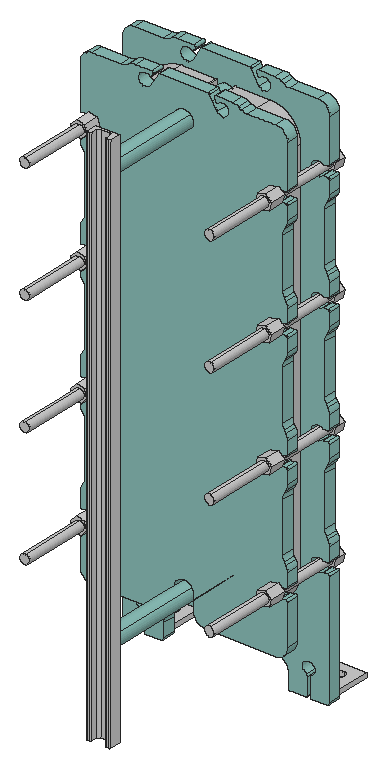
Revit family "Ekin_Endüstriyel - MIT514", category Specialty Equipment, Revit 2022 (continued)
Forms (mm)
  Extrusion 32, solid, material "Galvanized Steel", visible <- "Threaded Connection", detail levels fine
    sketch origin (0, 0, 0) x (1, 0, 0) y (0, 0, 1)
      loop
        arc (43.349, 918.5) -> (42.251, 919.598) -> (40.751, 920) r 3
        line (40.751, 920) -> (-40.751, 920)
        arc (-40.751, 920) -> (-42.251, 919.598) -> (-43.349, 918.5) r 3
        line (-43.349, 918.5) -> (-55.474, 897.5)
        arc (-55.474, 897.5) -> (-75.802, 900.921) -> (-58.196, 911.643) r 11
        arc (-58.196, 911.643) -> (-55.773, 911.054) -> (-53.742, 912.5) r 3
        line (-53.742, 912.5) -> (-52.01, 915.5)
        arc (-52.01, 915.5) -> (-52.01, 918.5) -> (-54.608, 920) r 3
        line (-54.608, 920) -> (-82.141, 920)
        arc (-82.141, 920) -> (-87.317, 919.319) -> (-92.141, 917.321) r 20
        line (-92.141, 917.321) -> (-96.715, 914.679)
        arc (-96.715, 914.679) -> (-101.539, 912.681) -> (-106.715, 912) r 20
      loop
        circle (-70, 827.5) r 32.5
      loop
        circle (70, 827.5) r 32.5
      loop
        circle (-70, 187.5) r 32.5
      loop
        circle (70, 187.5) r 32.5
      loop
        circle (0, 149) r 6.25
      loop
        circle (0, 866) r 6.25
    from 0 to 20 <- "Head & Follower Plate"
Cuts and joins
  joined: Extrusion 5, Extrusion 9
  Extrusion 21, Extrusion 23 cuts Extrusion 20
  Extrusion 23 cuts Extrusion 22
  joined: Extrusion 27, Extrusion 28
Dimensions and locks
  "Lk": plane 7 "1" to plane 6 "2"
  "Head & Follower Plate": plane 1 "Center (Front/Back)" to plane 7 "1"  (x2)
  "Lc": plane 7 "1" to plane 8 "3"
  locked: Extrusion 7 sketch curve to Extrusion 7 sketch curve at 8  (x2)
  equal spacing: Extrusion 7 sketch curve, plane 3 "Center (Left/Right)", Extrusion 7 sketch curve
  Extrusion 7 sketch curve to plane 3 "Center (Left/Right)" = 20.00 mm
  locked: Extrusion 7 sketch curve to plane 8 "3" at 5
  locked: plane 8 "3" to Extrusion 7 sketch curve at 20
  plane 7 "1" to plane 6 "2" = 69.00 mm
  plane 7 "1" to plane 8 "3" = 250.00 mm
  "Lc": plane 10 to plane 1 "Center (Front/Back)"
  "Tightening Bolt": diameter of Extrusion 5 sketch curve  (x8)
  aligned and locked: level to plane 2
  aligned and locked: Extrusion 1 to plane 1 "Center (Front/Back)"
  aligned and locked: Extrusion 2 to plane 6 "2"
  aligned and locked: Extrusion 4 to plane 8 "3"
  aligned and locked: plane 7 "1" to Extrusion 4
  aligned and locked: Extrusion 7 sketch curve to plane 8 "3"
  aligned and locked: Extrusion 7 sketch curve to Extrusion 7 sketch curve
  aligned and locked: plane 6 "2" to Extrusion 3
  aligned and locked: plane 1 "Center (Front/Back)" to Extrusion 8
  aligned and locked: plane 9 "Bolt End" to Extrusion 8
  aligned and locked: Extrusion 5 to plane 1 "Center (Front/Back)"
  aligned and locked: Extrusion 19 to plane 6 "2"
  aligned and locked: Extrusion 15 to plane 6 "2"
  aligned and locked: plane 10 to cut or joined group of Extrusion 5, Extrusion 9
Automatic sketch dimensions
  Extrusion 1 sketch curve to Extrusion 1 sketch curve = 0.00 mm  (x69)
  Extrusion 1 sketch curve to level = 0.00 mm  (x4)
  Extrusion 1 sketch curve to plane 3 "Center (Left/Right)" = 0.00 mm  (x2)
  Extrusion 1 sketch curve to plane 3 "Center (Left/Right)" = 28.00 mm  (x4)
  Extrusion 1 sketch curve to plane 3 "Center (Left/Right)" = 40.751 mm
  Extrusion 1 sketch curve to Extrusion 1 sketch curve = 2.598 mm  (x6)
  Extrusion 1 sketch curve to Extrusion 1 sketch curve = 8.66 mm  (x2)
  Extrusion 1 sketch curve to Extrusion 1 sketch curve = 1.732 mm  (x4)
  Extrusion 1 sketch curve to plane 3 "Center (Left/Right)" = 63.787 mm
  Extrusion 1 sketch curve to Extrusion 1 sketch curve = 9.526 mm  (x2)
  Extrusion 1 sketch curve to Extrusion 1 sketch curve = 42.00 mm  (x20)
  Extrusion 1 sketch curve to Extrusion 1 sketch curve = 10.607 mm  (x5)
  Extrusion 1 sketch curve to Extrusion 1 sketch curve = 17.141 mm  (x2)
  Extrusion 1 sketch curve to Extrusion 1 sketch curve = 26.213 mm  (x4)
  Extrusion 1 sketch curve to Extrusion 1 sketch curve = 10.00 mm  (x4)
  Extrusion 1 sketch curve to Extrusion 1 sketch curve = 4.574 mm  (x14)
  level to Extrusion 1 sketch curve = 39.393 mm  (x2)
  Extrusion 1 sketch curve to Extrusion 1 sketch curve = 4.393 mm  (x2)
  Extrusion 1 sketch curve to Extrusion 1 sketch curve = 5.00 mm  (x4)
  Extrusion 1 sketch curve to Extrusion 1 sketch curve = 29.859 mm  (x2)
  Extrusion 1 sketch curve to Extrusion 1 sketch curve = 29.50 mm
  Extrusion 1 sketch curve to Extrusion 1 sketch curve = 24.50 mm  (x4)
  Extrusion 1 sketch curve to Extrusion 1 sketch curve = 3.00 mm  (x26)
  Extrusion 1 sketch curve to Extrusion 1 sketch curve = 2.50 mm  (x4)
  Extrusion 1 sketch curve to Extrusion 1 sketch curve = 43.00 mm  (x6)
  Extrusion 1 sketch curve to plane 3 "Center (Left/Right)" = 155.00 mm
  Extrusion 1 sketch curve to Extrusion 1 sketch curve = 48.285 mm
  Extrusion 1 sketch curve to Extrusion 1 sketch curve = 1.001 mm  (x8)
  Extrusion 1 sketch curve to Extrusion 1 sketch curve = 8.916 mm  (x16)
  Extrusion 1 sketch curve to Extrusion 1 sketch curve = 12.00 mm  (x6)
  Extrusion 1 sketch curve to Extrusion 1 sketch curve = 2.679 mm  (x23)
  Extrusion 1 sketch curve to Extrusion 1 sketch curve = 7.083 mm  (x15)
  Extrusion 1 sketch curve to Extrusion 1 sketch curve = 2.641 mm  (x12)
  level to Extrusion 1 sketch curve = 5.00 mm  (x2)
  Extrusion 1 sketch curve to Extrusion 1 sketch curve = 20.00 mm  (x8)
  Extrusion 1 sketch curve to Extrusion 1 sketch curve = 17.321 mm  (x6)
  plane 3 "Center (Left/Right)" to Extrusion 1 sketch curve = 28.00 mm  (x4)
  plane 3 "Center (Left/Right)" to Extrusion 1 sketch curve = 40.751 mm
  plane 3 "Center (Left/Right)" to Extrusion 1 sketch curve = 63.787 mm
  plane 3 "Center (Left/Right)" to Extrusion 1 sketch curve = 155.00 mm
  Extrusion 1 sketch curve to Extrusion 1 sketch curve = 29.126 mm  (x2)
  Extrusion 1 sketch curve to Extrusion 1 sketch curve = 12.874 mm  (x2)
  Extrusion 1 sketch curve to Extrusion 1 sketch curve = 75.50 mm
  Extrusion 1 sketch curve to Extrusion 1 sketch curve = 3.50 mm  (x3)
  Extrusion 1 sketch curve to Extrusion 1 sketch curve = 8.25 mm  (x2)
  Extrusion 1 sketch curve to Extrusion 1 sketch curve = 8.75 mm  (x12)
  Extrusion 1 sketch curve to Extrusion 1 sketch curve = 17.50 mm  (x4)
  Extrusion 1 sketch curve to Extrusion 1 sketch curve = 21.535 mm  (x12)
  Extrusion 1 sketch curve to Extrusion 1 sketch curve = 84.282 mm  (x6)
  Extrusion 1 sketch curve to Extrusion 1 sketch curve = 11.285 mm  (x2)
  Extrusion 1 sketch curve to Extrusion 1 sketch curve = 38.50 mm
  Extrusion 1 sketch curve to Extrusion 1 sketch curve = 22.50 mm  (x2)
  Extrusion 1 sketch curve to Extrusion 1 sketch curve = 28.00 mm  (x2)
  Extrusion 1 sketch curve to Extrusion 1 sketch curve = 5.50 mm  (x2)
  Extrusion 1 sketch curve to Extrusion 1 sketch curve = 9.50 mm  (x2)
  Extrusion 1 sketch curve to Extrusion 1 sketch curve = 1.50 mm  (x7)
  Extrusion 1 sketch curve to plane 3 "Center (Left/Right)" = 6.25 mm  (x2)
  Extrusion 1 sketch curve to Extrusion 1 sketch curve = 7.00 mm  (x16)
  Extrusion 1 sketch curve to Extrusion 1 sketch curve = 32.50 mm  (x4)
  Extrusion 2 sketch curve to Extrusion 2 sketch curve = 0.00 mm  (x9)
  Extrusion 2 sketch curve to plane 3 "Center (Left/Right)" = 0.00 mm  (x2)
  plane 3 "Center (Left/Right)" to Extrusion 2 sketch curve = 15.00 mm  (x2)
  Extrusion 2 sketch curve to Extrusion 2 sketch curve = 2.00 mm  (x5)
  Extrusion 2 sketch curve to Extrusion 2 sketch curve = 55.00 mm  (x4)
  Extrusion 2 sketch curve to Extrusion 2 sketch curve = 5.00 mm  (x8)
  Extrusion 2 sketch curve to Extrusion 2 sketch curve = 50.00 mm  (x2)
  level to Extrusion 2 sketch curve = 132.50 mm
  Extrusion 2 sketch curve to Extrusion 2 sketch curve = 15.00 mm  (x2)
  Extrusion 2 sketch curve to Extrusion 2 sketch curve = 640.00 mm
  Extrusion 2 sketch curve to Extrusion 2 sketch curve = 32.50 mm  (x4)
  Extrusion 3 sketch curve to Extrusion 3 sketch curve = 0.00 mm  (x22)
  Extrusion 3 sketch curve to plane 3 "Center (Left/Right)" = 0.00 mm  (x2)
  plane 3 "Center (Left/Right)" to Extrusion 3 sketch curve = 16.50 mm
  Extrusion 3 sketch curve to Extrusion 3 sketch curve = 20.00 mm  (x17)
  plane 3 "Center (Left/Right)" to Extrusion 3 sketch curve = 40.751 mm
  Extrusion 3 sketch curve to Extrusion 3 sketch curve = 2.598 mm  (x6)
  Extrusion 3 sketch curve to Extrusion 3 sketch curve = 8.66 mm  (x2)
  Extrusion 3 sketch curve to Extrusion 3 sketch curve = 1.732 mm  (x4)
  Extrusion 3 sketch curve to Extrusion 3 sketch curve = 9.526 mm  (x2)
  Extrusion 3 sketch curve to Extrusion 3 sketch curve = 17.141 mm  (x2)
  Extrusion 3 sketch curve to Extrusion 3 sketch curve = 10.00 mm  (x4)
  Extrusion 3 sketch curve to Extrusion 3 sketch curve = 4.574 mm  (x14)
  Extrusion 3 sketch curve to Extrusion 3 sketch curve = 48.285 mm  (x2)
  Extrusion 3 sketch curve to Extrusion 3 sketch curve = 118.50 mm  (x2)
  plane 3 "Center (Left/Right)" to Extrusion 3 sketch curve = 155.00 mm
  Extrusion 3 sketch curve to Extrusion 3 sketch curve = 1.00 mm  (x8)
  Extrusion 3 sketch curve to Extrusion 3 sketch curve = 8.917 mm  (x16)
  Extrusion 3 sketch curve to Extrusion 3 sketch curve = 12.00 mm  (x6)
  Extrusion 3 sketch curve to Extrusion 3 sketch curve = 2.679 mm  (x20)
  Extrusion 3 sketch curve to Extrusion 3 sketch curve = 7.083 mm  (x16)
  Extrusion 3 sketch curve to Extrusion 3 sketch curve = 2.641 mm  (x12)
  Extrusion 3 sketch curve to Extrusion 3 sketch curve = 3.00 mm  (x22)
  Extrusion 3 sketch curve to plane 3 "Center (Left/Right)" = 40.751 mm
  Extrusion 3 sketch curve to plane 3 "Center (Left/Right)" = 155.00 mm  (x2)
  level to Extrusion 3 sketch curve = 107.50 mm  (x2)
  Extrusion 3 sketch curve to Extrusion 3 sketch curve = 25.50 mm
  Extrusion 3 sketch curve to Extrusion 3 sketch curve = 68.25 mm  (x2)
  Extrusion 3 sketch curve to Extrusion 3 sketch curve = 8.75 mm  (x14)
  Extrusion 3 sketch curve to Extrusion 3 sketch curve = 21.535 mm  (x10)
  Extrusion 3 sketch curve to Extrusion 3 sketch curve = 84.282 mm  (x6)
  Extrusion 3 sketch curve to Extrusion 3 sketch curve = 17.499 mm  (x2)
  Extrusion 3 sketch curve to Extrusion 3 sketch curve = 21.536 mm  (x2)
  Extrusion 3 sketch curve to Extrusion 3 sketch curve = 58.50 mm
  Extrusion 3 sketch curve to Extrusion 3 sketch curve = 72.75 mm  (x2)
  Extrusion 3 sketch curve to Extrusion 3 sketch curve = 14.50 mm  (x2)
  Extrusion 3 sketch curve to Extrusion 3 sketch curve = 2.50 mm  (x2)
  Extrusion 3 sketch curve to Extrusion 3 sketch curve = 5.50 mm  (x2)
  Extrusion 3 sketch curve to Extrusion 3 sketch curve = 9.50 mm  (x2)
  Extrusion 3 sketch curve to Extrusion 3 sketch curve = 1.50 mm  (x7)
  plane 3 "Center (Left/Right)" to Extrusion 3 sketch curve = 11.73 mm
  Extrusion 3 sketch curve to plane 3 "Center (Left/Right)" = 11.73 mm
  Extrusion 3 sketch curve to Extrusion 3 sketch curve = 10.881 mm
  Extrusion 4 sketch curve to Extrusion 4 sketch curve = 0.00 mm  (x4)
  Extrusion 4 sketch curve to plane 3 "Center (Left/Right)" = 0.00 mm  (x2)
  level to Extrusion 4 sketch curve = 149.00 mm
  Extrusion 4 sketch curve to Extrusion 4 sketch curve = 717.00 mm
  plane 3 "Center (Left/Right)" to Extrusion 4 sketch curve = 10.997 mm  (x2)
  Extrusion 4 sketch curve to plane 3 "Center (Left/Right)" = 10.997 mm  (x2)
  Extrusion 4 sketch curve to Extrusion 4 sketch curve = 10.201 mm  (x2)
  Extrusion 5 sketch curve to Extrusion 5 sketch curve = 0.00 mm  (x16)
  Extrusion 5 sketch curve to plane 3 "Center (Left/Right)" = 156.001 mm  (x4)
  plane 3 "Center (Left/Right)" to Extrusion 5 sketch curve = 155.999 mm  (x4)
  level to Extrusion 5 sketch curve = 207.50 mm  (x2)
  Extrusion 5 sketch curve to Extrusion 5 sketch curve = 200.00 mm  (x6)
  Extrusion 5 sketch curve to Extrusion 5 sketch curve = 2.132 mm  (x16)
  Extrusion 6 sketch curve to Extrusion 6 sketch curve = 0.00 mm  (x14)
  Extrusion 6 sketch curve to level = 0.00 mm  (x2)
  Extrusion 6 sketch curve to plane 4 = 1335.00 mm  (x2)
  Extrusion 6 sketch curve to Extrusion 6 sketch curve = 8.00 mm  (x4)
  Extrusion 6 sketch curve to Extrusion 6 sketch curve = 18.999 mm  (x4)
  Extrusion 6 sketch curve to Extrusion 6 sketch curve = 35.00 mm  (x5)
  Extrusion 6 sketch curve to Extrusion 6 sketch curve = 73.644 mm
  Extrusion 6 sketch curve to Extrusion 6 sketch curve = 13.856 mm  (x14)
  Extrusion 6 sketch curve to Extrusion 6 sketch curve = 86.001 mm  (x2)
  Extrusion 6 sketch curve to Extrusion 6 sketch curve = 22.50 mm  (x2)
  Extrusion 6 sketch curve to Extrusion 6 sketch curve = 70.00 mm  (x2)
  Extrusion 6 sketch curve to Extrusion 6 sketch curve = 65.00 mm  (x2)
  Extrusion 6 sketch curve to plane 4 = 1090.00 mm
  Extrusion 6 sketch curve to Extrusion 6 sketch curve = 5.00 mm
  Extrusion 6 sketch curve to plane 4 = 1020.00 mm
  Extrusion 6 sketch curve to plane 4 = 1003.999 mm  (x4)
  Extrusion 6 sketch curve to plane 4 = 993.00 mm  (x3)
  Extrusion 6 sketch curve to plane 4 = 985.00 mm  (x4)
  level to Extrusion 6 sketch curve = 35.00 mm  (x2)
  Extrusion 6 sketch curve to Extrusion 6 sketch curve = 10.00 mm  (x2)
  Extrusion 6 sketch curve to Extrusion 6 sketch curve = 79.00 mm
  Extrusion 6 sketch curve to Extrusion 6 sketch curve = 38.50 mm  (x3)
  Extrusion 6 sketch curve to Extrusion 6 sketch curve = 20.00 mm  (x4)
  Extrusion 6 sketch curve to Extrusion 6 sketch curve = 38.644 mm  (x12)
  Extrusion 6 sketch curve to Extrusion 6 sketch curve = 95.00 mm  (x6)
  Extrusion 6 sketch curve to Extrusion 6 sketch curve = 37.00 mm  (x2)
  Extrusion 6 sketch curve to Extrusion 6 sketch curve = 9.00 mm  (x2)
  Extrusion 6 sketch curve to Extrusion 6 sketch curve = 32.50 mm  (x4)
  Extrusion 6 sketch curve to Extrusion 6 sketch curve = 6.25 mm  (x2)
  Extrusion 7 sketch curve to Extrusion 7 sketch curve = 2.00 mm  (x4)
  plane 3 "Center (Left/Right)" to Extrusion 7 sketch curve = 7.00 mm
  Extrusion 7 sketch curve to plane 3 "Center (Left/Right)" = 7.00 mm
  Extrusion 8 sketch curve to plane 3 "Center (Left/Right)" = 169.412 mm  (x4)
  Extrusion 8 sketch curve to Extrusion 8 sketch curve = 3.692 mm  (x16)
  Extrusion 8 sketch curve to Extrusion 8 sketch curve = 9.72 mm  (x8)
  Extrusion 8 sketch curve to Extrusion 8 sketch curve = 13.412 mm  (x16)
  plane 3 "Center (Left/Right)" to Extrusion 8 sketch curve = 142.587 mm  (x4)
  level to Extrusion 8 sketch curve = 194.145 mm  (x2)
  Extrusion 8 sketch curve to Extrusion 8 sketch curve = 3.48 mm  (x16)
  Extrusion 8 sketch curve to Extrusion 8 sketch curve = 9.875 mm  (x8)
  Extrusion 8 sketch curve to Extrusion 8 sketch curve = 13.355 mm  (x16)
  Extrusion 8 sketch curve to Extrusion 8 sketch curve = 173.289 mm  (x6)
  Extrusion 3 to Extrusion 9 sketch curve = 2.492 mm  (x8)
  Extrusion 9 sketch curve to Extrusion 3 = 1.523 mm  (x8)
  Extrusion 9 sketch curve to Extrusion 3 = 6.985 mm  (x8)
  Extrusion 9 sketch curve to Extrusion 3 = 4.512 mm  (x10)
  Extrusion 9 sketch curve to Extrusion 9 sketch curve = 13.493 mm  (x8)
  Extrusion 9 sketch curve to Extrusion 3 = 4.51 mm  (x2)
  Extrusion 9 sketch curve to Extrusion 3 = 4.513 mm  (x2)
  Extrusion 9 sketch curve to Extrusion 3 = 1.358 mm  (x2)
  Extrusion 9 sketch curve to Extrusion 3 = 1.359 mm  (x10)
  Extrusion 9 sketch curve to Extrusion 3 = 1.362 mm  (x2)
  Extrusion 3 to Extrusion 9 sketch curve = 5.599 mm  (x2)
  Extrusion 9 sketch curve to Extrusion 9 sketch curve = 9.478 mm  (x8)
  Extrusion 3 to Extrusion 9 sketch curve = 5.596 mm  (x10)
  Extrusion 3 to Extrusion 9 sketch curve = 5.595 mm  (x2)
  Extrusion 9 sketch curve to Extrusion 3 = 24.493 mm  (x4)
  Extrusion 9 sketch curve to Extrusion 9 sketch curve = 4.015 mm  (x4)
  Extrusion 9 sketch curve to Extrusion 3 = 1.356 mm  (x2)
  Extrusion 3 to Extrusion 9 sketch curve = 5.593 mm  (x2)
  Extrusion 9 sketch curve to Extrusion 3 = 4.515 mm  (x2)
  Extrusion 3 to Extrusion 10 sketch curve = 2.442 mm  (x14)
  Extrusion 3 to Extrusion 10 sketch curve = 7.984 mm  (x8)
  Extrusion 3 to Extrusion 10 sketch curve = 2.443 mm  (x2)
  Extrusion 10 sketch curve to Extrusion 3 = 0.047 mm  (x8)
  Extrusion 10 sketch curve to Extrusion 3 = 2.971 mm  (x8)
  Extrusion 10 sketch curve to Extrusion 3 = 19.032 mm  (x8)
  Extrusion 10 sketch curve to Extrusion 3 = 11.467 mm  (x14)
  Extrusion 10 sketch curve to Extrusion 10 sketch curve = 26.986 mm  (x4)
  Extrusion 10 sketch curve to Extrusion 10 sketch curve = 18.955 mm  (x4)
  Extrusion 10 sketch curve to Extrusion 3 = 37.987 mm  (x4)
  Extrusion 10 sketch curve to Extrusion 10 sketch curve = 8.03 mm  (x4)
  Extrusion 10 sketch curve to Extrusion 3 = 17.774 mm  (x14)
  Extrusion 10 sketch curve to Extrusion 3 = 17.775 mm  (x2)
  Extrusion 10 sketch curve to Extrusion 3 = 11.468 mm  (x2)
  Extrusion 11 sketch curve to plane 3 "Center (Left/Right)" = 182.824 mm  (x4)
  Extrusion 11 sketch curve to Extrusion 11 sketch curve = 7.385 mm  (x16)
  Extrusion 11 sketch curve to Extrusion 11 sketch curve = 19.44 mm  (x8)
  Extrusion 11 sketch curve to Extrusion 11 sketch curve = 26.825 mm  (x16)
  plane 3 "Center (Left/Right)" to Extrusion 11 sketch curve = 129.175 mm  (x4)
  level to Extrusion 11 sketch curve = 180.789 mm  (x2)
  Extrusion 11 sketch curve to Extrusion 11 sketch curve = 6.96 mm  (x16)
  Extrusion 11 sketch curve to Extrusion 11 sketch curve = 19.751 mm  (x8)
  Extrusion 11 sketch curve to Extrusion 11 sketch curve = 26.711 mm  (x16)
  Extrusion 11 sketch curve to Extrusion 11 sketch curve = 146.579 mm  (x6)
  Extrusion 12 sketch curve to Extrusion 12 sketch curve = 0.00 mm  (x44)
  Extrusion 12 sketch curve to plane 3 "Center (Left/Right)" = 127.50 mm  (x2)
  Extrusion 12 sketch curve to Extrusion 12 sketch curve = 12.00 mm  (x16)
  Extrusion 12 sketch curve to Extrusion 12 sketch curve = 3.50 mm  (x23)
  Extrusion 12 sketch curve to Extrusion 12 sketch curve = 42.00 mm  (x18)
  Extrusion 12 sketch curve to plane 3 "Center (Left/Right)" = 28.00 mm  (x4)
  Extrusion 12 sketch curve to plane 3 "Center (Left/Right)" = 12.50 mm  (x2)
  plane 3 "Center (Left/Right)" to Extrusion 12 sketch curve = 12.50 mm  (x2)
  Extrusion 12 sketch curve to Extrusion 12 sketch curve = 15.50 mm  (x15)
  level to Extrusion 12 sketch curve = 130.00 mm
  Extrusion 12 sketch curve to Extrusion 12 sketch curve = 525.00 mm
  Extrusion 12 sketch curve to Extrusion 12 sketch curve = 6.00 mm  (x8)
  Extrusion 12 sketch curve to Extrusion 12 sketch curve = 31.50 mm  (x4)
  Extrusion 12 sketch curve to Extrusion 12 sketch curve = 9.50 mm  (x8)
  Extrusion 13 sketch curve to Extrusion 13 sketch curve = 0.00 mm  (x11)
  Extrusion 13 sketch curve to plane 4 = 1287.50 mm  (x2)
  Extrusion 13 sketch curve to Extrusion 13 sketch curve = 12.00 mm  (x24)
  level to Extrusion 13 sketch curve = 130.00 mm  (x2)
  Extrusion 13 sketch curve to Extrusion 13 sketch curve = 45.50 mm  (x16)
  Extrusion 13 sketch curve to Extrusion 13 sketch curve = 25.00 mm  (x2)
  Extrusion 13 sketch curve to plane 4 = 1044.50 mm  (x4)
  Extrusion 13 sketch curve to Extrusion 13 sketch curve = 57.50 mm  (x2)
  Extrusion 13 sketch curve to Extrusion 13 sketch curve = 525.00 mm
  Extrusion 13 sketch curve to Extrusion 13 sketch curve = 31.50 mm  (x4)
  plane 5 to Extrusion 14 sketch curve = 872.50 mm  (x2)
  Extrusion 14 sketch curve to Extrusion 14 sketch curve = 12.00 mm  (x22)
  plane 5 to Extrusion 14 sketch curve = 975.50 mm  (x4)
  plane 5 to Extrusion 14 sketch curve = 987.50 mm  (x2)
  plane 5 to Extrusion 14 sketch curve = 1012.50 mm  (x2)
  Extrusion 14 sketch curve to Extrusion 14 sketch curve = 91.00 mm  (x10)
  level to Extrusion 14 sketch curve = 130.00 mm  (x2)
  Extrusion 14 sketch curve to Extrusion 14 sketch curve = 0.00 mm  (x3)
  Extrusion 14 sketch curve to Extrusion 14 sketch curve = 525.00 mm
  Extrusion 15 sketch curve to plane 4 = 1035.00 mm
  Extrusion 15 sketch curve to Extrusion 15 sketch curve = 110.00 mm  (x3)
  Extrusion 15 sketch curve to Extrusion 15 sketch curve = 30.00 mm  (x2)
  level to Extrusion 15 sketch curve = 132.50 mm  (x2)
  Extrusion 15 sketch curve to Extrusion 15 sketch curve = 32.00 mm  (x3)
  Extrusion 15 sketch curve to Extrusion 15 sketch curve = 686.00 mm
  Extrusion 16 sketch curve to Extrusion 16 sketch curve = 0.00 mm  (x5)
  Extrusion 16 sketch curve to plane 4 = 985.00 mm  (x4)
  Extrusion 16 sketch curve to plane 4 = 993.00 mm  (x3)
  Extrusion 16 sketch curve to plane 4 = 1003.999 mm  (x4)
  Extrusion 16 sketch curve to plane 4 = 1058.644 mm
  Extrusion 16 sketch curve to Extrusion 16 sketch curve = 13.856 mm  (x14)
  Extrusion 16 sketch curve to Extrusion 16 sketch curve = 22.50 mm  (x2)
  Extrusion 16 sketch curve to plane 4 = 1160.00 mm
  Extrusion 16 sketch curve to Extrusion 16 sketch curve = 65.00 mm  (x2)
  Extrusion 16 sketch curve to Extrusion 16 sketch curve = 156.001 mm  (x2)
  Extrusion 16 sketch curve to Extrusion 16 sketch curve = 54.644 mm
  Extrusion 16 sketch curve to Extrusion 16 sketch curve = 10.999 mm  (x3)
  Extrusion 16 sketch curve to Extrusion 16 sketch curve = 8.00 mm  (x5)
  level to Extrusion 16 sketch curve = 107.50 mm
  level to Extrusion 16 sketch curve = 153.00 mm
  Extrusion 16 sketch curve to Extrusion 16 sketch curve = 100.00 mm  (x2)
  Extrusion 16 sketch curve to Extrusion 16 sketch curve = 38.644 mm  (x12)
  Extrusion 16 sketch curve to Extrusion 16 sketch curve = 95.00 mm  (x6)
  Extrusion 16 sketch curve to Extrusion 16 sketch curve = 58.50 mm
  Extrusion 16 sketch curve to Extrusion 16 sketch curve = 37.00 mm  (x2)
  Extrusion 16 sketch curve to Extrusion 16 sketch curve = 104.50 mm
  Extrusion 16 sketch curve to Extrusion 16 sketch curve = 9.00 mm
  Extrusion 16 sketch curve to Extrusion 16 sketch curve = 16.50 mm
  Extrusion 16 sketch curve to Extrusion 16 sketch curve = 6.25 mm
  Extrusion 17 sketch curve to level = 0.00 mm
  plane 5 to Extrusion 17 sketch curve = 825.00 mm
  plane 5 to Extrusion 17 sketch curve = 1175.00 mm
  Extrusion 17 sketch curve to Extrusion 17 sketch curve = 920.00 mm
  plane 5 to Extrusion 18 sketch curve = 1175.00 mm
  plane 5 to Extrusion 18 sketch curve = 825.00 mm
  level to Extrusion 18 sketch curve = 107.50 mm
  Extrusion 18 sketch curve to Extrusion 18 sketch curve = 812.50 mm
  plane 5 to Extrusion 19 sketch curve = 1125.00 mm
  plane 5 to Extrusion 19 sketch curve = 875.00 mm
  level to Extrusion 19 sketch curve = 132.50 mm
  Extrusion 19 sketch curve to Extrusion 19 sketch curve = 750.00 mm
  Extrusion 20 sketch curve to level = 0.00 mm
  Extrusion 20 sketch curve to plane 1 "Center (Front/Back)" = 0.00 mm
  Extrusion 20 sketch curve to Extrusion 20 sketch curve = 7.50 mm
  level to Extrusion 20 sketch curve = 7.50 mm
  plane 9 "Bolt End" to Extrusion 20 sketch curve = 51.30 mm
  Extrusion 20 sketch curve to Extrusion 20 sketch curve = 62.50 mm
  Extrusion 22 sketch curve to level = 0.00 mm
  Extrusion 22 sketch curve to plane 1 "Center (Front/Back)" = 0.00 mm
  Extrusion 22 sketch curve to Extrusion 22 sketch curve = 7.50 mm
  level to Extrusion 22 sketch curve = 7.50 mm
  plane 9 "Bolt End" to Extrusion 22 sketch curve = 51.30 mm
  Extrusion 22 sketch curve to Extrusion 22 sketch curve = 62.50 mm
  Extrusion 23 sketch curve to Extrusion 23 sketch curve = 9.00 mm
  Extrusion 24 sketch curve to level = 0.00 mm
  Extrusion 24 sketch curve to plane 1 "Center (Front/Back)" = 0.00 mm
  Extrusion 24 sketch curve to Extrusion 24 sketch curve = 7.50 mm
  level to Extrusion 24 sketch curve = 7.50 mm
  plane 9 "Bolt End" to Extrusion 24 sketch curve = 51.30 mm
  Extrusion 24 sketch curve to Extrusion 24 sketch curve = 62.50 mm
  Extrusion 25 sketch curve to level = 0.00 mm
  Extrusion 25 sketch curve to plane 1 "Center (Front/Back)" = 0.00 mm
  Extrusion 25 sketch curve to Extrusion 25 sketch curve = 7.50 mm
  level to Extrusion 25 sketch curve = 7.50 mm
  plane 9 "Bolt End" to Extrusion 25 sketch curve = 51.30 mm
  Extrusion 25 sketch curve to Extrusion 25 sketch curve = 62.50 mm
  Extrusion 26 sketch curve to level = 0.00 mm
  plane 3 "Center (Left/Right)" to Extrusion 26 sketch curve = 20.00 mm
  Extrusion 26 sketch curve to plane 3 "Center (Left/Right)" = 20.00 mm
  level to Extrusion 26 sketch curve = 920.00 mm
  Extrusion 27 sketch curve to Extrusion 12 = 1.584 mm  (x16)
  Extrusion 27 sketch curve to Extrusion 12 = 5.224 mm  (x16)
  Extrusion 27 sketch curve to Extrusion 12 = 1.533 mm  (x16)
  Extrusion 27 sketch curve to Extrusion 12 = 11.861 mm  (x16)
  Extrusion 27 sketch curve to Extrusion 27 sketch curve = 13.916 mm  (x16)
  Extrusion 27 sketch curve to Extrusion 12 = 5.365 mm  (x16)
  Extrusion 27 sketch curve to Extrusion 27 sketch curve = 10.276 mm  (x9)
  Extrusion 27 sketch curve to Extrusion 27 sketch curve = 3.639 mm  (x15)
  Extrusion 27 sketch curve to Extrusion 12 = 29.416 mm  (x8)
  Extrusion 27 sketch curve to Extrusion 12 = 11.668 mm  (x16)
  Extrusion 27 sketch curve to Extrusion 27 sketch curve = 13.967 mm  (x21)
  Extrusion 27 sketch curve to Extrusion 27 sketch curve = 10.135 mm  (x11)
  Extrusion 27 sketch curve to Extrusion 27 sketch curve = 24.103 mm  (x8)
  Extrusion 27 sketch curve to Extrusion 27 sketch curve = 3.832 mm  (x8)
  Extrusion 28 sketch curve to Extrusion 28 sketch curve = 0.00 mm  (x16)
  Extrusion 28 sketch curve to Extrusion 12 = 1.038 mm  (x16)
  Extrusion 28 sketch curve to Extrusion 28 sketch curve = 14.462 mm  (x16)
  Extrusion 12 to Extrusion 29 sketch curve = 26.043 mm
  Extrusion 29 sketch curve to Extrusion 29 sketch curve = 2.448 mm  (x2)
  Extrusion 29 sketch curve to Extrusion 29 sketch curve = 11.095 mm
  Extrusion 12 to Extrusion 29 sketch curve = 10.052 mm  (x2)
  Extrusion 12 to Extrusion 29 sketch curve = 1.405 mm  (x2)
  Extrusion 29 sketch curve to Extrusion 12 = 1.043 mm  (x2)
  Extrusion 29 sketch curve to Extrusion 29 sketch curve = 13.543 mm  (x2)
  Extrusion 12 to Extrusion 29 sketch curve = 99.225 mm  (x2)
  Extrusion 29 sketch curve to Extrusion 29 sketch curve = 4.992 mm  (x3)
  Extrusion 29 sketch curve to Extrusion 29 sketch curve = 9.233 mm  (x3)
  Extrusion 29 sketch curve to Extrusion 29 sketch curve = 14.225 mm  (x4)
  Extrusion 31 sketch curve to Extrusion 31 sketch curve = 0.00 mm  (x50)
  Extrusion 31 sketch curve to Extrusion 6 = 117.50 mm
  Extrusion 31 sketch curve to Extrusion 6 = 245.00 mm
  Extrusion 31 sketch curve to Extrusion 6 = 84.50 mm  (x2)
  Extrusion 31 sketch curve to Extrusion 31 sketch curve = 140.00 mm  (x2)
  Extrusion 31 sketch curve to Extrusion 31 sketch curve = 29.50 mm  (x2)
  Extrusion 31 sketch curve to Extrusion 31 sketch curve = 3.00 mm  (x4)
  Extrusion 31 sketch curve to Extrusion 31 sketch curve = 32.50 mm  (x2)
  Extrusion 21 sketch curve to Extrusion 21 sketch curve = 0.00 mm  (x2)
  plane 9 "Bolt End" to Extrusion 21 sketch curve = 26.30 mm
  plane 3 "Center (Left/Right)" to Extrusion 21 sketch curve = 140.00 mm
  Extrusion 21 sketch curve to Extrusion 21 sketch curve = 9.00 mm
  Extrusion 23 sketch curve to Extrusion 23 sketch curve = 0.00 mm  (x2)
  plane 9 "Bolt End" to Extrusion 23 sketch curve = 26.30 mm
  Extrusion 23 sketch curve to plane 3 "Center (Left/Right)" = 140.00 mm
  Extrusion 32 sketch curve to level = 0.00 mm  (x4)
  Extrusion 32 sketch curve to plane 3 "Center (Left/Right)" = 0.00 mm  (x2)
  Extrusion 32 sketch curve to plane 3 "Center (Left/Right)" = 40.751 mm
  Extrusion 32 sketch curve to Extrusion 32 sketch curve = 2.598 mm  (x6)
  Extrusion 32 sketch curve to Extrusion 32 sketch curve = 8.66 mm  (x2)
  Extrusion 32 sketch curve to Extrusion 32 sketch curve = 1.732 mm  (x4)
  Extrusion 32 sketch curve to plane 3 "Center (Left/Right)" = 63.787 mm
  Extrusion 32 sketch curve to Extrusion 32 sketch curve = 9.526 mm  (x2)
  Extrusion 32 sketch curve to Extrusion 32 sketch curve = 10.607 mm  (x5)
  Extrusion 32 sketch curve to Extrusion 32 sketch curve = 17.141 mm  (x2)
  Extrusion 32 sketch curve to Extrusion 32 sketch curve = 26.213 mm  (x4)
  Extrusion 32 sketch curve to Extrusion 32 sketch curve = 10.00 mm  (x4)
  Extrusion 32 sketch curve to Extrusion 32 sketch curve = 4.574 mm  (x14)
  level to Extrusion 32 sketch curve = 39.393 mm  (x2)
  Extrusion 32 sketch curve to Extrusion 32 sketch curve = 4.393 mm  (x2)
  Extrusion 32 sketch curve to Extrusion 32 sketch curve = 5.00 mm  (x4)
  Extrusion 32 sketch curve to Extrusion 32 sketch curve = 29.50 mm
  Extrusion 32 sketch curve to Extrusion 32 sketch curve = 24.50 mm  (x4)
  Extrusion 32 sketch curve to Extrusion 32 sketch curve = 3.00 mm  (x28)
  Extrusion 32 sketch curve to Extrusion 32 sketch curve = 2.50 mm  (x4)
  Extrusion 32 sketch curve to plane 3 "Center (Left/Right)" = 155.00 mm
  Extrusion 32 sketch curve to Extrusion 32 sketch curve = 48.285 mm  (x2)
  Extrusion 32 sketch curve to Extrusion 32 sketch curve = 0.00 mm  (x24)
  Extrusion 32 sketch curve to Extrusion 32 sketch curve = 1.001 mm  (x8)
  Extrusion 32 sketch curve to Extrusion 32 sketch curve = 8.916 mm  (x16)
  Extrusion 32 sketch curve to Extrusion 32 sketch curve = 12.00 mm  (x6)
  Extrusion 32 sketch curve to Extrusion 32 sketch curve = 2.679 mm  (x23)
  Extrusion 32 sketch curve to Extrusion 32 sketch curve = 7.083 mm  (x15)
  Extrusion 32 sketch curve to Extrusion 32 sketch curve = 2.641 mm  (x12)
  level to Extrusion 32 sketch curve = 5.00 mm  (x2)
  Extrusion 32 sketch curve to Extrusion 32 sketch curve = 20.00 mm  (x9)
  Extrusion 32 sketch curve to Extrusion 32 sketch curve = 17.321 mm  (x7)
  plane 3 "Center (Left/Right)" to Extrusion 32 sketch curve = 40.751 mm
  plane 3 "Center (Left/Right)" to Extrusion 32 sketch curve = 63.787 mm
  plane 3 "Center (Left/Right)" to Extrusion 32 sketch curve = 155.00 mm
  Extrusion 32 sketch curve to Extrusion 32 sketch curve = 29.126 mm  (x2)
  Extrusion 32 sketch curve to Extrusion 32 sketch curve = 12.874 mm  (x2)
  Extrusion 32 sketch curve to Extrusion 32 sketch curve = 8.25 mm  (x2)
  Extrusion 32 sketch curve to Extrusion 32 sketch curve = 8.75 mm  (x12)
  Extrusion 32 sketch curve to Extrusion 32 sketch curve = 17.50 mm  (x4)
  Extrusion 32 sketch curve to Extrusion 32 sketch curve = 21.535 mm  (x12)
  Extrusion 32 sketch curve to Extrusion 32 sketch curve = 84.282 mm  (x6)
  Extrusion 32 sketch curve to Extrusion 32 sketch curve = 38.50 mm  (x4)
  Extrusion 32 sketch curve to Extrusion 32 sketch curve = 5.50 mm  (x2)
  Extrusion 32 sketch curve to Extrusion 32 sketch curve = 9.50 mm  (x2)
  Extrusion 32 sketch curve to Extrusion 32 sketch curve = 1.50 mm  (x7)
  Extrusion 32 sketch curve to plane 3 "Center (Left/Right)" = 6.25 mm  (x2)
  Extrusion 32 sketch curve to Extrusion 32 sketch curve = 32.50 mm  (x4)
  Extrusion 32 sketch curve to Extrusion 32 sketch curve = 17.179 mm
  plane 3 "Center (Left/Right)" to Extrusion 32 sketch curve = 70.00 mm  (x2)
  Extrusion 32 sketch curve to Extrusion 32 sketch curve = 72.75 mm  (x2)
  Extrusion 32 sketch curve to Extrusion 32 sketch curve = 22.50 mm
  Extrusion 32 sketch curve to Extrusion 32 sketch curve = 70.00 mm
  Extrusion 32 sketch curve to plane 3 "Center (Left/Right)" = 70.00 mm  (x2)
  Extrusion 32 sketch curve to Extrusion 32 sketch curve = 79.00 mm
  Extrusion 32 sketch curve to Extrusion 32 sketch curve = 17.00 mm
  radius of Extrusion 6 sketch curve = 11.00 mm  (x4)
  radius of Extrusion 6 sketch curve = 11.75 mm  (x8)
  radius of Extrusion 16 sketch curve = 11.00 mm  (x2)
  radius of Extrusion 16 sketch curve = 11.75 mm  (x8)
  radius of Extrusion 12 to Extrusion 28 sketch curve = 5.50 mm  (x16)
  radius of Extrusion 30 sketch curve to Extrusion 6 = 0.00 mm  (x4)
Connectors
  piping at (70, 15, 827.5), diameter 50.8
    settings: on Extrusion 12, index 1, connector inside diameter 609.6 mm, connector length 0.00 mm, flow factor 0, pipe flow 0.0 L/s, pressure drop 0 psi, fitting loss kfactor 0, connector angle 0.00°, fixture units 0, engagement length 0.00 mm, angle of deflection 0.00°, flow configuration 0, flow direction 1, fitting loss method 0, system type 7, joint type 0, gender type 0, connector reference index -1, connector utility 0, adjustable connector no, is connector primary yes, connector description ""
  piping at (-70, 15, 827.5), diameter 50.8
    settings: on Extrusion 12, index 2, connector inside diameter 609.6 mm, connector length 0.00 mm, flow factor 0, pipe flow 0.0 L/s, pressure drop 0 psi, fitting loss kfactor 0, connector angle 0.00°, fixture units 0, engagement length 0.00 mm, angle of deflection 0.00°, flow configuration 0, flow direction 2, fitting loss method 0, system type 7, joint type 0, gender type 0, connector reference index -1, connector utility 0, adjustable connector no, is connector primary no, connector description ""
  piping at (70, 15, 187.5), diameter 50.8
    settings: on Extrusion 12, index 3, connector inside diameter 609.6 mm, connector length 0.00 mm, flow factor 0, pipe flow 0.0 L/s, pressure drop 0 psi, fitting loss kfactor 0, connector angle 0.00°, fixture units 0, engagement length 0.00 mm, angle of deflection 0.00°, flow configuration 0, flow direction 2, fitting loss method 0, system type 7, joint type 0, gender type 0, connector reference index -1, connector utility 0, adjustable connector no, is connector primary no, connector description ""
  piping at (-70, 15, 187.5), diameter 50.8
    settings: on Extrusion 12, index 4, connector inside diameter 609.6 mm, connector length 0.00 mm, flow factor 0, pipe flow 0.0 L/s, pressure drop 0 psi, fitting loss kfactor 0, connector angle 0.00°, fixture units 0, engagement length 0.00 mm, angle of deflection 0.00°, flow configuration 0, flow direction 1, fitting loss method 0, system type 7, joint type 0, gender type 0, connector reference index -1, connector utility 0, adjustable connector no, is connector primary no, connector description ""
Types (2, lengths in mm): name | Threaded Connection | Model | Flange Connection
  Flanged | no | "H12340000F50L" | yes
  Threaded | yes | "H12340000DD50L" | no
